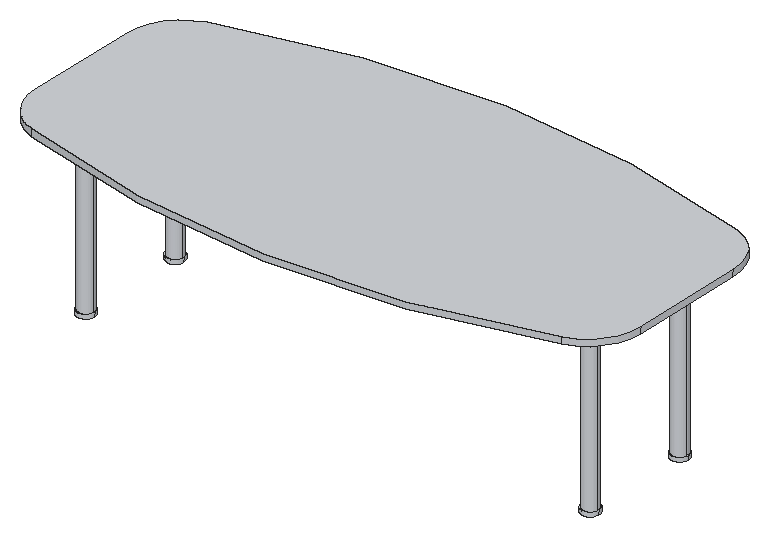
Revit family
Parameters (values of type "2400 x 1200")
  Table Material = none
  Model = ""
  Manufacturer = "Revit"
  Leg Material = none
  Description = "Board Table"
  Assembly Code = "E2020200"
Reference planes
  plane 1 "Center (Front/Back)": y = 0
  plane 2: z = 0
  plane 3 "Center (Left/Right)": x = 0
  plane 4: y = -221.174
  plane 5: y = 221.174
Forms (mm)
  Extrusion 1, solid, material <- "Table Material"
    sketch origin (0, 0, 0) x (1, 0, 0) y (0, 1, 0)
      loop
        arc (1051.36, 440.482) -> (0, 607.301) -> (-1051.36, 440.482) r 3396.449
        arc (-1051.36, 440.482) -> (-1158.921, 362.266) -> (-1200, 235.776) r 215.279
        line (-1200, 235.776) -> (-1200, -221.174)
        arc (-1200, -221.174) -> (-1158.921, -347.664) -> (-1051.36, -425.88) r 215.279
        arc (-1051.36, -425.88) -> (0, -592.699) -> (1051.36, -425.88) r 3396.449
        arc (1051.36, -425.88) -> (1158.921, -347.664) -> (1200, -221.174) r 215.279
        line (1200, -221.174) -> (1200, 235.776)
        arc (1200, 235.776) -> (1158.921, 362.266) -> (1051.36, 440.482) r 215.279
    from 700 to 725
Lines and regions (mm)
  symbolic lines
    curve 1: arc (1051.36, 440.482, 0) -> (0, 607.301, 0) -> (-1051.36, 440.482, 0) r 3396.449
    curve 2: arc (-1051.36, 440.482, 0) -> (-1158.921, 362.266, 0) -> (-1200, 235.776, 0) r 215.279
    curve 3: line (-1200, 235.776, 0) -> (-1200, -221.174, 0)
    curve 4: arc (-1200, -221.174, 0) -> (-1158.921, -347.664, 0) -> (-1051.36, -425.88, 0) r 215.279
    curve 5: arc (-1051.36, -425.88, 0) -> (0, -592.699, 0) -> (1051.36, -425.88, 0) r 3396.449
    curve 6: arc (1051.36, -425.88, 0) -> (1158.921, -347.664, 0) -> (1200, -221.174, 0) r 215.279
    curve 7: line (1200, -221.174, 0) -> (1200, 235.776, 0)
    curve 8: arc (1200, 235.776, 0) -> (1158.921, 362.266, 0) -> (1051.36, 440.482, 0) r 215.279
Dimensions and locks
  aligned and locked: Extrusion 1 to nested 1
Nested families
  nested 1: "Leg" at (-999.884, -221.174, 0), type "Height 700mm"
  nested 2: "Leg" at (-999.884, 221.174, 0), type "Height 700mm"
  nested 3: "Leg" at (999.884, -221.174, 0) x (-1, 0, 0) z (0, 0, 1), type "Height 700mm"
  nested 4: "Leg" at (999.884, 221.174, 0) x (-1, 0, 0) z (0, 0, 1), type "Height 700mm"
Definition of nested family "Leg"
  Parameters (values of type "Height 700mm")
    Model = "Abacus"
    Manufacturer = "LM"
    Leg Material = none
    Description = "Table Leg"
    Assembly Code = "E2020200"
  Reference planes
    plane 1 "Center (Front/Back)": y = 0
    plane 2: z = 0
    plane 3 "Center (Left/Right)": x = 0
  Forms (mm)
    Revolve 1, solid, material <- "Leg Material"
      sketch origin (0, 0, 0) x (1, 0, 0) y (0, 0, 1)
        loop
          line (0, 15) -> (0, 700) -> (-43, 700) -> (-33, 650) -> (-30, 650) -> (-30, 15) -> (0, 15)
        axis (0, 15) -> (0, 700)
      angle from 0 to 360
    Extrusion 2, solid, material <- "Leg Material"
      sketch origin (0, 0, 0) x (1, 0, 0) y (0, 1, 0)
        loop
          circle (0, 0) r 35
      from 0 to 15
  Dimensions and locks
    aligned and locked: plane 3 "Center (Left/Right)" to Revolve 1 sketch curve
    aligned and locked: Revolve 1 to Extrusion 2
